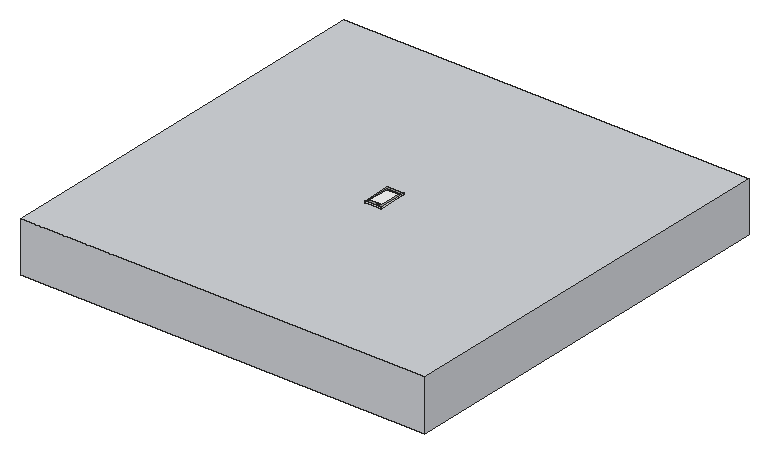
Revit family "Gira_206705", category Elektroinstallationen, Revit 2017
Family settings
  Basisbauteil = Fläche
  Beschriftungsausrichtung beibehalten = Ja
  Bemaßung runder Anschluss = Durchmesser verwenden
  Teiletyp = Normal
  Beim Laden mit Abzugskörper schneiden = Nein
  Gemeinsam genutzt = Nein
  Raumberechnungspunkt = Nein
Parameters (values of type "Gira G1 230 V Gira G1 G Schwarz")
  material_white = White
  material_black = Black
  Zentrale Funktionseinheit für Sender/Aktoren = yes
  Werkstoffgüte = "sonstige"
  Werkstoff Text = "sonstige"
  Default Elevation = 1219.2 mm
  URL = "https://www.gira.de/"
  Typname = "Gira G1 230 V Gira G1 G Schwarz"
  Type Comments = ""
  Transparent = no
  Temperaturregler = yes
  Status-LED = yes
  Schutzart (IP) = "IP21"
  Präsenztaster = no
  Produktseite = "https://media.stage.bim.site/t/eyJhbGciOiJIUzI1NiIsInR5cCI6IkpXVCJ9.eyJjdCI6MiwidHUiOiJodHRwOi8va2F0YWxvZy5naXJhLmRlL2RlX0RFL2RhdGVuYmxhdHQuaHRtbD9hcnRpa2VsbnI9MjA2NzA1IiwiY2lkIjoiMzI3N2NjMjMtODFhOS00ZWUzLWE5MGEtYjQ3YmI0YzBiNjE2IiwicmlkIjoiY2NlMTRiZmU0OWRhMzBkN2JjMzEwYjZhZmZmMWZkYTkiLCJwaWQiOiIxNTY2MDI2ZjdkN2ZjZDEyZjE1ZGU3MTE0ZmFhZGUwNWQyMjJjMWE5Iiwic2lkIjoiNjM0NzAiLCJ1dCI6MSwibGMiOiJkZSIsImlhdCI6MTYwMDkzOTIzMSwiaXNzIjoiaHR0cHM6Ly9hcGkubGl2ZS5iaW0uc2l0ZSIsInN1YiI6ImFkbWluQGJpbXNpdGUuZGV2In0.sPDP8VVPdp5bWIj5qtBTf5qWqDNNNFRTqc6YLM2TDeY"
  Oberfläche Text = "sonstige"
  Montageart = "Unterputz"
  Model = ""
  Mit Display = yes
  Mit Diebstahl-/Demontageschutz = yes
  Mit Busankopplung = no
  Kosten = 0
  IR-Sensor = no
  Hersteller = "Gira"
  HeinzeBIM = "https://www.heinze.de/bim/gira-g1-230-v-gira-g1-g-schwarz/1566026f7d7fcd12f15de7114faade05d222c1a9"
  HAN = "206705"
  GTIN = "4010337014294"
  Farbe = "schwarz"
  Datenblatt 1 = "https://media.stage.bim.site/t/eyJhbGciOiJIUzI1NiIsInR5cCI6IkpXVCJ9.eyJjdCI6MSwidGYiOiJwdWJsaWMvZ2lyYS9hZThjNTU3LzIwNjcwNS50eHQiLCJjaWQiOiIzMjc3Y2MyMy04MWE5LTRlZTMtYTkwYS1iNDdiYjRjMGI2MTYiLCJyaWQiOiJjY2UxNGJmZTQ5ZGEzMGQ3YmMzMTBiNmFmZmYxZmRhOSIsInBpZCI6IjE1NjYwMjZmN2Q3ZmNkMTJmMTVkZTcxMTRmYWFkZTA1ZDIyMmMxYTkiLCJzaWQiOiI2MzQ3MCIsInV0IjoxLCJsYyI6ImRlIiwiaWF0IjoxNjAwOTM5MjMxLCJpc3MiOiJodHRwczovL2FwaS5saXZlLmJpbS5zaXRlIiwic3ViIjoiYWRtaW5AYmltc2l0ZS5kZXYifQ.PlhVz__7joPXMxulIyXvq3GFOP3W-IjeBTQdSFK6HZ0/206705.txt"
  Datenblatt = "https://media.stage.bim.site/t/eyJhbGciOiJIUzI1NiIsInR5cCI6IkpXVCJ9.eyJjdCI6MSwidHUiOiJodHRwczovL2thdGFsb2cuZ2lyYS5kZS9kZV9ERS9kb3dubG9hZC5odG1sP2FydGlrZWxucj0yMDY3MDUiLCJjaWQiOiIzMjc3Y2MyMy04MWE5LTRlZTMtYTkwYS1iNDdiYjRjMGI2MTYiLCJyaWQiOiJjY2UxNGJmZTQ5ZGEzMGQ3YmMzMTBiNmFmZmYxZmRhOSIsInBpZCI6IjE1NjYwMjZmN2Q3ZmNkMTJmMTVkZTcxMTRmYWFkZTA1ZDIyMmMxYTkiLCJzaWQiOiI2MzQ3MCIsInV0IjoxLCJsYyI6ImRlIiwiaWF0IjoxNjAwOTM5MjMxLCJpc3MiOiJodHRwczovL2FwaS5saXZlLmJpbS5zaXRlIiwic3ViIjoiYWRtaW5AYmltc2l0ZS5kZXYifQ.pw9fPxYuBTeJzYOJnflaQ6sZOANQd22I4nhcqbuSpSE"
  DCF77 Empfänger integriert = no
  Bussystem Powernet = no
  Bussystem LON = no
  Bussystem KNX-Funk = no
  Bussystem KNX = yes
  Bussystem Funkbus = no
  Beschreibung = "Gira G1 230 V  Glas Schwarz Der Gira G1 ist ein multifunktionales Raumbediengerät zur Visualisierung und Bedienung vielfältiger Gebäudefunktionen. Zum Einsatz im KNX System und im Gira Türkommunikations-System oder als Client. Der jeweilige Funktionsumfang hängt von der verwendeten Firmware ab.  Den genauen Funktionsumfang entnehmen Sie bitte dem Gira Onlinekatalog sowie der technischen Gerätedokumentation.  Merkmale:  Die Bedienung erfolgt über ein gestenfähiges Multitouchdisplay.  Anbindung und Kommunikation ist variantenabhängig über LAN oder WLAN.  Integrierter Lautsprecher.  Integriertes Mikrofon mit Echokompensation.    Einsatzmöglichkeiten und Kombinationen:  Der Gira G1 als multifunktionales Raumbediengerät stellt folgende Funktionen bzw. Kombinationen von Funktionen zur Verfügung:  KNX Raumbediengerät  Wohnungsstation Video  Client für folgende Systeme   Server - HomeServer – eNet – X1- Sicherheitssystem Alarm Connect  Einbindung von Internetdiensten Eigenschaften als KNX Raumbediengerät:  Intuitiv bedienbare und durch den Endbenutzer anpassbare Benutzeroberfläche.  Schalten, Tasten, Dimmen (relativ u. absolut), Dimmen (inkl. Dimmen RGB, RGBW u. Tunable White) Jalousie- und Rollladensteuerung, Wertgeber, Szenennebenstelle.  Statusanzeige, Anzeige von Datum und Uhrzeit, Anzeige von Innen- und Außentemperatur.  Bis zu 150 Funktionen (sechs Funktionsordner bzw. Räume mit jeweils bis zu 25 Funktionen).  Bis zu 125 Wochen-Zeitschaltuhren mit jeweils 10 Schaltzeiten.  Raumtemperaturregler in Kombination mit dem optional erhältlicher Temperaturfühlermodul oder KNX Geräten zur Raumtemperaturmessung, z. B. Tastsensor 3 Komfort.  Betriebsmodi: Komfort, Stand-by, Nacht und Frost- bzw. Hitzeschutz mit jeweils eigenen Temperatursollwerten (für Heizen und bzw. oder Kühlen).  Betriebsmodi individuell anpassbar.  Eine Heizungsuhr als Wochen-Zeitschaltuhr mit 28 Schaltzeiten.  Raumtemperaturregler-Nebenstelle zur Ansteuerung von Klimaanlagen (Fancoil) in Verbindung mit einem KNX Gateway für Klimaanlagen. Eigenschaften als Wohnungsstation Video:  Kameraumschaltung: gezielte Anwahl der angeschlossenen Farbkameras.   Ansteuerung des Türöffners.  Rufton ein- und ausschalten.  Rufton wählbar aus 10 Melodien. Eigenschaften als Wohnungsstation mit SIP-Client:  Client Funktion für SIP Fremdsysteme von z. B. Comelit, TCS, SCHÜCO  SIP Direct calls oder über Registrar möglich  64 Internrufe möglich z. B. zum Concierge  Early Media Unterstützung für Videobild Einbindung von Internetdiensten:  Gira Wetterportal: Anzeige der Wetterprognose für bis zu fünf Orte (Internetverbindung erforderlich). Der Gira G1 kann auch als Client für folgende Systeme   Server eingesetzt werden::  HomeServer Client  eNet Client  X1 Client  Sicherheitssystem Alarm Connect  In der Funktion als Client stehen die Funktionen des KNX Raumbediengeräts nicht zur Verfügung. Den genauen Funktionsumfang entnehmen Sie bitte dem Gira Onlinekatalog sowie der technischen Gerätedokumentation.  Gira G1 mit Unterputz-Anschlussmodul 230 V WLAN.  Datenkommunikation über WLAN.  Hinweise :  Nur zur Verwendung im Innenbereich geeignet.  Empfohlene Montagehöhe: 150 cm ab Fußboden.  Die Montage erfolgt auf eine tiefe Gerätedose (Empfehlung Elektronikdose bei LAN-Anschluss).  Die Kommunikation zur KNX Installation erfolgt ausschließlich über den KNXnet IP Standard.  Zur Anbindung des Gira G1 PoE an die KNX Installation muss ein KNX IP-Router verwendet werden. Es können mehrere Gira G1 an einem KNX IP-Router betrieben werden.  Zur Anbindung des Gira G1 230 V oder G1 24 V an die KNX Installation ist ein Gira KNX IP-Router (ab Firmwareversion 3) erforderlich um eine zuverlässige Kommunikation im WLAN sicherzustellen. Hierzu ist der Gira KNX IP-Router (ab Firmwareversion 3) speziell mit der Zusatzfunktion Zuverlässige Datenkommunikation\" ausgestattet. Es können mehrere Gira G1 an einem Gira KNX IP-Router (ab Firmwareversion 3) betrieben werden.  Hardware ab Indexstand I08 für KNX Secure vorbereitet (zusätzliches Firmeware-Update erforderlich).  Inbetriebnahme im KNX System ab ETS 5.5 oder höher.  Als Wohnungsstation nutzbar in Verbindung mit TKS-IP-Gateway.  Bitte beachten Sie bei der Planung der Anlage die technischen Informationen zur Netzwerkplanung in der Gerätedokumentation.  Für Firmware-Updates wird der Gira Projekt Assistent (GPA) benötigt. Der GPA ist kostenlos im Gira Downloadbereich verfügbar.  Zur Nutzung der Zeitschaltuhren ist entweder eine Internetverbindung zu einem NTP-Zeitserver oder ein entsprechender KNX Zeitgeber (z.B. Gira Wetterstation Plus 2074 00) erforderlich.  Für die Montage des Unterputz-Anschlussmoduls PoE wird die Verwendung einer Elektronikdose empfohlen.  Es wird ein handelsüblicher PoE-fähiger Switch bzw. Router oder ein PoE-Injector benötigt.\""
  Assembly Code = ""
  Keynote = ""
  BIMSITE_PRODUCT_ID = "1566026f7d7fcd12f15de7114faade05d222c1a9"
  BIM = "https://media.stage.bim.site/t/eyJhbGciOiJIUzI1NiIsInR5cCI6IkpXVCJ9.eyJjdCI6MSwidGYiOiJwdWJsaWMvZ2lyYS9hZThjNTU3L0dpcmFfRzEucmZhIiwiY2lkIjoiMzI3N2NjMjMtODFhOS00ZWUzLWE5MGEtYjQ3YmI0YzBiNjE2IiwicmlkIjoiY2NlMTRiZmU0OWRhMzBkN2JjMzEwYjZhZmZmMWZkYTkiLCJwaWQiOiIxNTY2MDI2ZjdkN2ZjZDEyZjE1ZGU3MTE0ZmFhZGUwNWQyMjJjMWE5Iiwic2lkIjoiNjM0NzAiLCJ1dCI6NSwibGMiOiJkZSIsImlhdCI6MTYwMDkzOTIzMSwiaXNzIjoiaHR0cHM6Ly9hcGkubGl2ZS5iaW0uc2l0ZSIsInN1YiI6ImFkbWluQGJpbXNpdGUuZGV2In0.eFemL9-YPiehK9EKjyDohIJNMdpK3HxUrVeaFMjeV9Y/Gira_G1.rfa"
  Ausführung der Oberfläche = "nicht zutreffend"
  Andere Bussysteme = "eNet"
Reference planes
  plane 1 "Center (Front/Back)": y = 0
  plane 2: z = 0
  plane 3 "Center (Left/Right)": x = 0
Forms (mm)
  Extrusion 1, solid
    sketch origin (0, 0, 0) x (1, 0, 0) y (0, 1, 0)
      loop
        line (-1219.2, 1219.2) -> (-1219.2, -1219.2) -> (1219.2, -1219.2) -> (1219.2, 1219.2) -> (-1219.2, 1219.2)
    from 0 to -304.8
  Extrusion 2, solid, material "White" <- "material_white", detail levels fine
    sketch origin (0, 0, 0) x (1, 0, 0) y (0, 1, 0)
      loop
        arc (-47, 84) -> (-48.061, 83.561) -> (-48.5, 82.5) r 1.5
        line (-48.5, 82.5) -> (-48.5, -82.5)
        arc (-48.5, -82.5) -> (-48.061, -83.561) -> (-47, -84) r 1.5
        line (-47, -84) -> (47, -84)
        arc (47, -84) -> (48.061, -83.561) -> (48.5, -82.5) r 1.5
        line (48.5, -82.5) -> (48.5, 82.5)
        arc (48.5, 82.5) -> (48.061, 83.561) -> (47, 84) r 1.5
        line (47, 84) -> (-47, 84)
    from 0 to 7.654
  Extrusion 3, solid, material "Black" <- "material_black", detail levels fine
    sketch origin (0, 0, 0) x (1, 0, 0) y (0, 1, 0)
      loop
        arc (44.153, 78.61) -> (43.716, 79.665) -> (42.661, 80.102) r 1.492
        line (42.661, 80.102) -> (-42.661, 80.102)
        arc (-42.661, 80.102) -> (-43.716, 79.665) -> (-44.153, 78.61) r 1.492
        line (-44.153, 78.61) -> (-44.153, -78.61)
        arc (-44.153, -78.61) -> (-43.716, -79.665) -> (-42.661, -80.102) r 1.492
        line (-42.661, -80.102) -> (42.661, -80.102)
        arc (42.661, -80.102) -> (43.716, -79.665) -> (44.153, -78.61) r 1.492
        line (44.153, -78.61) -> (44.153, 78.61)
    from 0 to -6.196
  Extrusion 4, solid, material "Black" <- "material_black", detail levels fine
    sketch origin (0, 0, 0) x (1, 0, 0) y (0, 1, 0)
      loop
        line (39.802, 66.02) -> (-39.802, 66.02) -> (-39.802, -66.02) -> (39.802, -66.02) -> (39.802, 66.02)
      loop
        line (47, 83.85) -> (-47, 83.85)
        arc (-47, 83.85) -> (-47.955, 83.455) -> (-48.35, 82.5) r 1.35
        line (-48.35, 82.5) -> (-48.35, -82.5)
        arc (-48.35, -82.5) -> (-47.955, -83.455) -> (-47, -83.85) r 1.35
        line (-47, -83.85) -> (47, -83.85)
        arc (47, -83.85) -> (47.955, -83.455) -> (48.35, -82.5) r 1.35
        line (48.35, -82.5) -> (48.35, 82.5)
        arc (48.35, 82.5) -> (47.955, 83.455) -> (47, 83.85) r 1.35
      loop
        arc (16.826, -70.87) -> (13.826, -73.87) -> (16.826, -76.87) r 3
        line (16.826, -76.87) -> (27.78, -76.87)
        arc (27.78, -76.87) -> (30.78, -73.87) -> (27.78, -70.87) r 3
        line (27.78, -70.87) -> (16.826, -70.87)
    from 6 to 8.604
  Extrusion 5, solid, material "Black" <- "material_black", detail levels fine
    sketch origin (0, 0, 0) x (1, 0, 0) y (0, 1, 0)
      loop
        line (27.78, -70.97) -> (16.826, -70.97)
        arc (16.826, -70.97) -> (13.926, -73.87) -> (16.826, -76.77) r 2.9
        line (16.826, -76.77) -> (27.78, -76.77)
        arc (27.78, -76.77) -> (30.68, -73.87) -> (27.78, -70.97) r 2.9
    from 6 to 8.5
  Extrusion 6, solid, material "Black" <- "material_black", detail levels medium
    sketch origin (0, 0, 0) x (1, 0, 0) y (0, 1, 0)
      loop
        line (44.153, 80.102) -> (-44.153, 80.102) -> (-44.153, -80.102) -> (44.153, -80.102) -> (44.153, 80.102)
    from 0 to -6.196
  Extrusion 7, solid, material "White" <- "material_white", detail levels medium
    sketch origin (0, 0, 0) x (1, 0, 0) y (0, 1, 0)
      loop
        line (-48.5, 84) -> (-48.5, -84) -> (48.5, -84) -> (48.5, 84) -> (-48.5, 84)
    from 0 to 7.654
  Extrusion 8, solid, material "Black" <- "material_black", detail levels medium
    sketch origin (0, 0, 0) x (1, 0, 0) y (0, 1, 0)
      loop
        line (48.35, 83.85) -> (-48.35, 83.85) -> (-48.35, -83.85) -> (48.35, -83.85) -> (48.35, 83.85)
    from 6 to 8.604
  Extrusion 9, solid, material "Black" <- "material_black", detail levels coarse
    sketch origin (0, 0, 0) x (1, 0, 0) y (0, 1, 0)
      loop
        line (48.5, 84) -> (-48.5, 84) -> (-48.5, -84) -> (48.5, -84) -> (48.5, 84)
    from -6.196 to 8.604
Dimensions and locks
  aligned and locked: plane 2 to Extrusion 1
  aligned and locked: level to Extrusion 1
  aligned and locked: plane 1 "Center (Front/Back)" to nested 1
  aligned and locked: plane 3 "Center (Left/Right)" to nested 1
Nested families
  nested 1: "symbol" at (0, 0, 0), type "symbol"
Connectors
  electrical at (0, 0, -6.196)
    settings: on Extrusion 9, index 1, voltage 230 V, apparent load 0 VA, apparent load phase1 0 VA, apparent load phase2 0 VA, apparent load phase3 0 VA, power factor 1, load classification "Other", number of poles 1, system type 30, power factor state 1, is connector primary yes, connector utility no, sub classification motor no, connector description ""
Definition of nested family "symbol"
  Reference planes
    plane 1: y = 0
    plane 2: x = 0
  Lines and regions (mm)
    Filled region 1, type "Gefüllter Bereich 1"
      outline origin (0, 0, 0) x (1, 0, 0) y (0, 1, 0)
        loop
          circle (-0.6, 2.4) r 0.4
    Filled region 2, type "Gefüllter Bereich 1"
      outline origin (0, 0, 0) x (1, 0, 0) y (0, 1, 0)
        loop
          circle (0.6, 2.4) r 0.4
    detail lines
      curve 1: line (0, 0, 0) -> (0, 2, 0)
      curve 2: line (0, 2, 0) -> (1.6, 2, 0)
      curve 3: line (1.6, 2, 0) -> (1.6, 3.6, 0)
      curve 4: circle (0.6, 2.4, 0) r 0.4 normal (0, 0, 1)
      curve 5: line (0, 2, 0) -> (-1.6, 2, 0)
      curve 6: line (-1.6, 2, 0) -> (-1.6, 3.6, 0)
      curve 7: circle (-0.6, 2.4, 0) r 0.4 normal (0, 0, -1)
